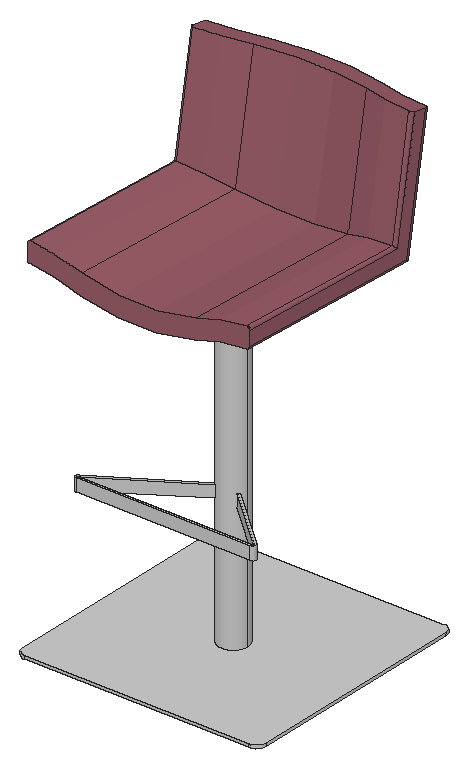
Revit family "FU_Chair_Sandler_Wave 901-41", category Furniture, Revit 2020
Family settings
  OmniClass Number = 23.40.20.00
  OmniClass Title = General Furniture and Specialties
  Work Plane-Based = No
  Always vertical = Yes
  Cut with Voids When Loaded = No
  Shared = No
  Room Calculation Point = No
Parameters (values of type "Wave 901.41")
  Width = 500 mm
  URL = "https://www.sandlerseating.com/product/wave-901-41/"
  Seat [instance] = Fabric - X2 - Subtract AK013
  Model = "Wave 901.41"
  Manufacturer = "Sandler"
  Height = 980 mm
  Frame [instance] = Metal - Chrome - Matt
  Description = "Fixed seat height upholstered barstool with matt stainless steel base. 360 Swivel with memory return."
  Depth = 500 mm
  Default Elevation = 0 mm
Reference planes
  plane 1 "Center (Front/Back)": y = 0
  plane 2: z = 0
  plane 3 "Center (Left/Right)": x = 0
  plane 4 "Right": x = -250
  plane 5 "Left": x = 250
  plane 6 "Back": y = 250
  plane 7 "Front": y = -250
  plane 8 "Height": z = 980
  plane 9 "Seat height": z = 780
  plane 10 "Seat Angle RIGHT": through (4267.2, -250, 692.217) normal (0, 0.0447, 0.999)
  plane 11 "Back Angle RIGHT": through (4267.2, 192.982, 672.397) normal (0, -0.983, 0.1835)
  plane 12 "Foot Rest RIGHT": through (4267.2, -182.046, 309.179) normal (0, 0.1688, 0.9856)
Forms (mm)
  Sweep 1, solid, material "Fabric - X2 - Subtract AK013" <- "Seat"
    path origin (0, 0, 0) x (0, 1, 0) y (0, 0, 1)
      loop
        line (-248.067, 692.131) -> (192.982, 672.397) -> (248.065, 967.419)
    profile "pro_Wave_Stool Seat : pro_Wave_Stool Seat" origin (0, -27.542, 682.264) x (0, 0.044698, 0.999001) y (1, 0, 0)
      loop
        arc (42.162, 228.16) -> (38.729, 226.795) -> (37.17, 223.447) r 5
        arc (37.17, 223.447) -> (30.23, 169.401) -> (15.784, 116.861) r 387.817
        arc (15.784, 116.861) -> (0, 0) -> (15.784, -116.861) r 440.496
        arc (15.784, -116.861) -> (30.23, -169.401) -> (37.17, -223.447) r 387.817
        arc (37.17, -223.447) -> (38.729, -226.795) -> (42.162, -228.16) r 5
        line (42.162, -228.16) -> (71.5, -228.16)
        arc (71.5, -228.16) -> (75.884, -226.248) -> (77.467, -221.736) r 5.983
        arc (77.467, -221.736) -> (70.113, -168.41) -> (56.09, -116.437) r 425.895
        arc (56.09, -116.437) -> (40.481, 0) -> (56.09, 116.437) r 442.091
        arc (56.09, 116.437) -> (70.113, 168.41) -> (77.467, 221.736) r 425.895
        arc (77.467, 221.736) -> (75.884, 226.248) -> (71.5, 228.16) r 5.983
        line (71.5, 228.16) -> (42.162, 228.16)
  Extrusion 2, solid, material "Metal - Chrome - Matt" <- "Frame"
    sketch origin (0, 0, 0) x (1, 0, 0) y (0, 1, 0)
      loop
        arc (-230, 250) -> (-244.142, 244.142) -> (-250, 230) r 20
        line (-250, 230) -> (-250, -230)
        arc (-250, -230) -> (-244.142, -244.142) -> (-230, -250) r 20
        line (-230, -250) -> (230, -250)
        arc (230, -250) -> (244.142, -244.142) -> (250, -230) r 20
        line (250, -230) -> (250, 230)
        arc (250, 230) -> (244.142, 244.142) -> (230, 250) r 20
        line (230, 250) -> (-230, 250)
    from 0 to 6
  Extrusion 3, solid, material "Metal - Chrome - Matt" <- "Frame"
    sketch origin (0, 0, 0) x (1, 0, 0) y (0, 1, 0)
      loop
        circle (0, -2.572) r 30
    from 0 to 697.241
  Extrusion 4, solid, material "Metal - Chrome - Matt" <- "Frame"
    sketch origin (0, 0, 0) x (1, 0, 0) y (0, 1, 0)
      loop
        line (-179.101, -174.892) -> (-21.655, -20.749) -> (-25.544, -16.86) -> (-182.955, -170.968)
        arc (-182.955, -170.968) -> (-184.417, -178.026) -> (-178.435, -182.046) r 6.461
        line (-178.435, -182.046) -> (178.435, -182.046)
        arc (178.435, -182.046) -> (184.417, -178.026) -> (182.955, -170.968) r 6.461
        line (182.955, -170.968) -> (25.544, -16.86) -> (21.655, -20.749) -> (179.101, -174.892)
        arc (179.101, -174.892) -> (179.319, -175.946) -> (178.426, -176.546) r 0.965
        line (178.426, -176.546) -> (-178.426, -176.546)
        arc (-178.426, -176.546) -> (-179.319, -175.946) -> (-179.101, -174.892) r 0.965
    from 265 to 324
  Extrusion 5, void
    sketch origin (0, 0, 0) x (0, 1, 0) y (0, 0, 1)
      loop
        line (-8.538, 291.83) -> (-8.538, 326.679) -> (-186.364, 326.679) -> (-186.364, 321.679) -> (-177.046, 321.679) -> (-8.538, 291.83)
      loop
        line (-8.538, 266.891) -> (-182.046, 296.606) -> (-186.364, 296.606) -> (-186.364, 261.679) -> (-8.538, 261.679) -> (-8.538, 266.891)
    from -192 to 192
  Extrusion 6, solid, material "Metal - Chrome - Matt" <- "Frame"
    sketch origin (0, 30.41, 679.671) x (0, -0.999001, 0.044698) y (1, 0, 0)
      loop
        circle (40.096, 0) r 88.123
    from -5.719 to 15.777
Cuts and joins
  Extrusion 5 cuts Extrusion 4
  joined: Extrusion 2, Extrusion 3, Extrusion 4, Extrusion 6
Dimensions and locks
  equal spacing: plane 4 "Right", plane 3 "Center (Left/Right)", plane 5 "Left"
  "Width": plane 4 "Right" to plane 5 "Left"
  equal spacing: plane 6 "Back", plane 1 "Center (Front/Back)", plane 7 "Front"
  "Depth": plane 6 "Back" to plane 7 "Front"
  "Height": plane 8 "Height" to level
  plane 9 "Seat height" to level = 780 mm
  aligned and locked: level to plane 2
Automatic sketch dimensions
  Sweep 1 sketch curve to plane 10 "Seat Angle RIGHT" = 0 mm  (x2)
  Sweep 1 sketch curve to plane 11 "Back Angle RIGHT" = 0 mm  (x2)
  plane 7 "Front" to Sweep 1 sketch curve = 1.933 mm
  Sweep 1 sketch curve to plane 6 "Back" = 1.935 mm
  Extrusion 2 sketch curve to plane 4 "Right" = 0 mm
  Extrusion 2 sketch curve to plane 6 "Back" = 0 mm
  Extrusion 2 sketch curve to plane 7 "Front" = 0 mm
  Extrusion 2 sketch curve to plane 5 "Left" = 0 mm
  Extrusion 2 sketch curve to Extrusion 2 sketch curve = 20 mm  (x2)
  plane 5 "Left" to Extrusion 2 sketch curve = 20 mm  (x2)
  plane 1 "Center (Front/Back)" to Extrusion 3 sketch curve = 2.572 mm
  Extrusion 3 sketch curve to plane 3 "Center (Left/Right)" = 0 mm
  plane 7 "Front" to Extrusion 4 sketch curve = 79.032 mm  (x2)
  Extrusion 4 sketch curve to plane 4 "Right" = 67.045 mm
  plane 7 "Front" to Extrusion 4 sketch curve = 75.108 mm  (x2)
  Extrusion 4 sketch curve to Extrusion 4 sketch curve = 3.854 mm  (x2)
  Extrusion 4 sketch curve to Extrusion 4 sketch curve = 0.665 mm  (x2)
  Extrusion 4 sketch curve to Extrusion 4 sketch curve = 0.009 mm  (x2)
  Extrusion 4 sketch curve to plane 3 "Center (Left/Right)" = 25.544 mm
  Extrusion 4 sketch curve to Extrusion 4 sketch curve = 3.889 mm  (x4)
  plane 3 "Center (Left/Right)" to Extrusion 4 sketch curve = 21.655 mm
  plane 7 "Front" to Extrusion 4 sketch curve = 73.454 mm
  plane 5 "Left" to Extrusion 4 sketch curve = 71.574 mm
  Extrusion 4 sketch curve to Extrusion 4 sketch curve = 5.5 mm
  plane 1 "Center (Front/Back)" to Extrusion 4 sketch curve = 20.749 mm
  Extrusion 4 sketch curve to Extrusion 4 sketch curve = 0 mm
  plane 7 "Front" to Extrusion 5 sketch curve = 63.636 mm
  Extrusion 5 sketch curve to Extrusion 5 sketch curve = 0 mm
  Extrusion 5 sketch curve to Extrusion 5 sketch curve = 4.318 mm
  Extrusion 5 sketch curve to Extrusion 5 sketch curve = 9.318 mm
  plane 1 "Center (Front/Back)" to Extrusion 5 sketch curve = 8.538 mm  (x2)
  level to Extrusion 5 sketch curve = 261.679 mm
  Extrusion 5 sketch curve to Extrusion 5 sketch curve = 5.212 mm
  Extrusion 5 sketch curve to Extrusion 5 sketch curve = 24.939 mm
  Extrusion 5 sketch curve to Extrusion 5 sketch curve = 34.927 mm
  Extrusion 5 sketch curve to Extrusion 5 sketch curve = 25.073 mm
  Extrusion 5 sketch curve to Extrusion 5 sketch curve = 34.85 mm
  Extrusion 6 sketch curve to plane 3 "Center (Left/Right)" = 0 mm
  radius of Extrusion 3 sketch curve = 30 mm
  radius of Extrusion 6 sketch curve = 88.123 mm
